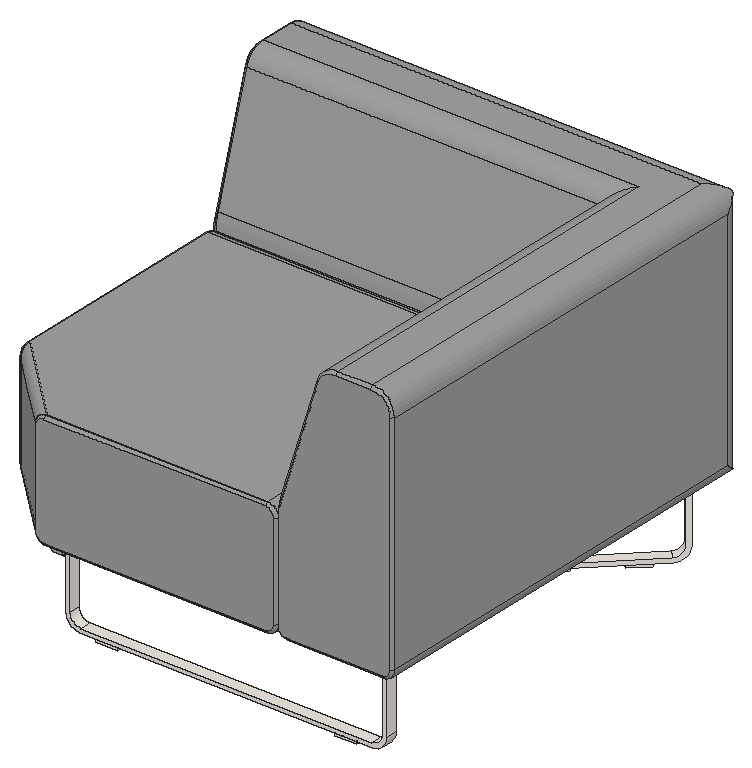
Revit family "Haworth_Riverbend_SquareCorner", category Furniture, Revit 2018
Family settings
  OmniClass Number = 23.40.70.14.64.21
  OmniClass Title = Systems Furniture
  Work Plane-Based = No
  Always vertical = Yes
  Cut with Voids When Loaded = No
  Shared = No
  Room Calculation Point = No
Parameters (values of type "33d 56w 31h - Mid Back")
  Width Straight Edge = 33"  # constant formula
  Width = 56"  # constant formula
  Warranty = "http://www.haworth.com/resources/product-info/warranties"
  URL - Product = "http://www.haworth.com/products/seating/sofas/riverbend-pebble"
  Trim Finish [instance] = Haworth _ Paint _ Plaster
  Standard Widths = "40 in."  # constant formula
  Standard Heights = "18, 31 in."  # constant formula
  Standard Depths = "33 in."  # constant formula
  Seat Upholstery Finish [instance] = Haworth _ Fabric _ Tellure _ Steel 3A-39
  No Back = no
  Min. Width = 28"  # constant formula
  Min. Depth = 33"  # constant formula
  Mid Back = yes
  Max. Width = 67"  # constant formula
  Max. Depth = 33"  # constant formula
  Model = "SMQN"  # constant formula
  Description = "Haworth Riverbend Square Corner"  # constant formula
  URL = "http://www.haworth.com"
  Size = "Verify Final Dim. w/ Haworth"  # constant formula
  Revision Number = "1"  # constant formula
  Manufacturer = "Haworth"  # constant formula
  Depth = 33"  # constant formula
  Custom Width = not(or(Width = 56"))  # no
  Custom Size = Custom Width  # no
  Back Upholstery Finish [instance] = Haworth _ Fabric _ Tellure _ Steel 3A-39
  Author = "Haworth (Bentzen)"  # constant formula
  Assembly Code = "E2020200"
  Actual Width = if(Width > Max. Width, Max. Width, if(Width < Min. Width, Min. Width, Width))  # 56"
  Actual Height = 18"  # constant formula
  Actual Depth = if(Depth > Max. Depth, Max. Depth, if(Depth < Min. Depth, Min. Depth, Depth))  # 33"
Types (2): name | No Back | Mid Back
  33d 56w 18h - No Back | yes | no
  33d 56w 31h - Mid Back | no | yes
Reference planes
  plane 1 "Center F/B": through (-78.491, -215.695, 0) normal (-0.7071, -0.7071, 0)
  plane 2 "Bottom": z = 0
  plane 3 "Center L/R": through (55.102, -293.435, 0) normal (0.7071, -0.7071, 0)
  plane 4 "Left": through (-1165.05, -503.938, 1219.2) normal (-0.7071, 0.7071, 0)
  plane 5 "Right": through (1244.391, -113.797, 1219.2) normal (0.7071, -0.7071, 0)
  plane 6 "Frame Back": through (-736.346, 786.631, 1219.2) normal (0.7071, 0.7071, 0)
  plane 7 "Chair Front": through (-1384.552, 177.6, 1219.2) normal (0.7071, 0.7071, 0)
  plane 8 "Top": z = 457.2
  plane 9 "Top - Bottom of Chamfer Edge": z = 450.85
  plane 10 "Frame Bottom": z = 184.15
  plane 11 "Bottom - Top of Chamfer Edge": z = 190.5
  plane 12 "Leg Bracket - Bottom": z = 177.8
  plane 13 "Leg Bottom - Top of Bottom": z = 15.875
  plane 14 "Foot - Top of Foot": z = 6.35
  plane 15 "Bench Frame - Inner Concave Tangent Edge No 1": y = -692.019
  plane 16 "Bench Frame - Outer Concave Tangent Edge No 1": y = 146.181
  plane 17 "Bench Frame - Outer Concave Tangent Edge No 2": x = 494.718
  plane 18 "Bench Frame - Center Side No 1": y = -272.919
  plane 19 "Bench Frame - Center Side No 2": x = 75.618
  plane 20 "Bench Frame - Straight Edge No 2": y = -869.819
  plane 21 "Bench Frame - Straight Edge No 1": x = -521.282
  plane 22 "Left Leg - Back of Leg Bracket": y = 101.334
  plane 23 "Center Leg - Back of Leg Bracket": through (-1134.489, 1645.306, 1219.2) normal (0.7071, 0.7071, 0)
  plane 24 "Right Leg - Back of Leg Bracket": x = 449.871
  plane 25 "Left Leg - Front of Leg Bracket": y = -647.169
  plane 26 "Right Leg - Front of Leg Bracket": x = -298.635
  plane 27 "Center Leg - Front of Leg Bracket": through (177.923, -152.04, 1219.2) normal (0.7071, 0.7071, 0)
  plane 28: through (-1705.143, 496.713, 1219.2) normal (-0.7071, 0.7071, 0)
  plane 29 "Left - Top of Chamfer Edge": x = -514.932
  plane 30 "Right - Top of Chamfer Edge": y = -863.469
  plane 31 "Leg Left - Left of Leg Bracket": x = -481.694
  plane 32 "Right Left - Right of Leg Bracket": y = -830.231
  plane 33: through (390.172, 107.175, 1219.2) normal (0.7071, 0.7071, 0)
  plane 34: y = 41.009
  plane 35: y = 31.409
  plane 36: y = -19.391
  plane 37: y = 91.809
  plane 38: y = -526.441
  plane 39: y = -577.241
  plane 40: y = -586.841
  plane 41: y = -637.641
  plane 42: through (184.965, -145.612, 1219.2) normal (-0.7071, -0.7071, 0)
  plane 43: through (220.886, -109.691, 1219.2) normal (-0.7071, -0.7071, 0)
  plane 44: through (227.674, -102.902, 1219.2) normal (-0.7071, -0.7071, 0)
  plane 45: through (263.595, -66.981, 1219.2) normal (-0.7071, -0.7071, 0)
  plane 46: through (335.331, 4.755, 1219.2) normal (-0.7071, -0.7071, 0)
  plane 47: through (371.252, 40.676, 1219.2) normal (-0.7071, -0.7071, 0)
  plane 48: through (378.041, 47.464, 1219.2) normal (-0.7071, -0.7071, 0)
  plane 49: x = -289.104
  plane 50: x = -238.304
  plane 51: x = -228.704
  plane 52: x = -177.904
  plane 53: x = 329.146
  plane 54: x = 379.946
  plane 55: x = 389.546
  plane 56: x = 440.346
  plane 57: x = -456.294
  plane 58: y = -804.831
  plane 59: through (157.98, -172.597, 1219.2) normal (-0.7071, 0.7071, 0)
  plane 60: through (438.657, 72.16, 1219.2) normal (-0.7071, 0.7071, 0)
  plane 61: x = -421.369
  plane 62: through (0.825, -415.064, 1219.2) normal (0.7071, -0.7071, 0)
  plane 63: y = -769.906
  plane 64: y = 146.181
  plane 65: y = -72.874
  plane 66: y = 146.181
  plane 67: through (483.559, 135.021, 1219.2) normal (-0.7071, -0.7071, 0)
  plane 68: through (345.662, 165.155, 1219.2) normal (0.7071, 0.7071, 0)
  plane 69: z = 457.2
  plane 70: x = -343.482
  plane 71: y = 120.781
  plane 72: x = -2882.933
  plane 73: x = -2844.836
  plane 74: z = 320.675
Forms (mm)
  Extrusion 1, solid, material "Haworth _ Paint _ Plaster" <- "Trim Finish"
    sketch origin (-569.094, -257.88, 0) x (0, -1, 0) y (0, 0, -1)
      loop
        line (-359.214, -177.8) -> (-349.689, -177.8) -> (-349.689, -41.275)
        arc (-349.689, -41.275) -> (-342.25, -23.314) -> (-324.289, -15.875) r 25.4
        line (-324.289, -15.875) -> (354.361, -15.875)
        arc (354.361, -15.875) -> (372.321, -23.314) -> (379.761, -41.275) r 25.4
        line (379.761, -41.275) -> (379.761, -177.8) -> (389.289, -177.8) -> (389.289, -38.1)
        arc (389.289, -38.1) -> (379.99, -15.649) -> (357.539, -6.35) r 31.75
        line (357.539, -6.35) -> (-327.464, -6.35)
        arc (-327.464, -6.35) -> (-349.915, -15.649) -> (-359.214, -38.1) r 31.75
        line (-359.214, -38.1) -> (-359.214, -177.8)
    from 87.4 to 112.8
  Extrusion 2, solid, material "Haworth _ Paint _ Plaster" <- "Trim Finish"
    sketch origin (-512.931, 953.569, 457.2) x (1, 0, 0) y (0, 1, 0)
      loop
        line (31.238, -922.16) -> (31.238, -972.96) -> (56.637, -972.96) -> (56.637, -922.16) -> (31.238, -922.16)
    from -457.2 to -450.85
  Extrusion 3, solid, material "Haworth _ Paint _ Plaster" <- "Trim Finish"
    sketch origin (-512.931, 1011.597, 457.2) x (1, 0, 0) y (0, 1, 0)
      loop
        line (31.238, -1588.838) -> (56.637, -1588.838) -> (56.637, -1538.038) -> (31.238, -1538.038) -> (31.238, -1588.838)
    from -457.2 to -450.85
  Extrusion 4, solid, material "Haworth _ Paint _ Plaster" <- "Trim Finish"
    sketch origin (-512.931, 953.569, 457.2) x (1, 0, 0) y (0, 1, 0)
      loop
        line (31.238, -852.235) -> (31.238, -912.56) -> (91.562, -912.56) -> (91.562, -852.235) -> (31.238, -852.235)
    from -279.4 to -273.05
  Extrusion 5, solid, material "Haworth _ Paint _ Plaster" <- "Trim Finish"
    sketch origin (-512.931, 1518.647, 457.2) x (1, 0, 0) y (0, 1, 0)
      loop
        line (31.238, -2165.816) -> (91.562, -2165.816) -> (91.562, -2105.488) -> (31.238, -2105.488) -> (31.238, -2165.816)
    from -279.4 to -273.05
  Extrusion 6, solid, material "Haworth _ Paint _ Plaster" <- "Trim Finish"
    sketch origin (90.657, -917.631, 0) x (-1, 0, 0) y (0, 0, 1)
      loop
        line (-359.214, 177.8) -> (-359.214, 38.1)
        arc (-359.214, 38.1) -> (-349.915, 15.649) -> (-327.464, 6.35) r 31.75
        line (-327.464, 6.35) -> (357.542, 6.35)
        arc (357.542, 6.35) -> (379.993, 15.649) -> (389.292, 38.1) r 31.75
        line (389.292, 38.1) -> (389.292, 177.8) -> (379.761, 177.8) -> (379.761, 41.275)
        arc (379.761, 41.275) -> (372.321, 23.314) -> (354.361, 15.875) r 25.4
        line (354.361, 15.875) -> (-324.289, 15.875)
        arc (-324.289, 15.875) -> (-342.25, 23.314) -> (-349.689, 41.275) r 25.4
        line (-349.689, 41.275) -> (-349.689, 177.8) -> (-359.214, 177.8)
    from 87.4 to 112.8
  Extrusion 7, solid, material "Haworth _ Paint _ Plaster" <- "Trim Finish"
    sketch origin (1302.106, -861.469, 457.2) x (0, 1, 0) y (-1, 0, 0)
      loop
        line (31.238, 922.16) -> (56.637, 922.16) -> (56.637, 972.96) -> (31.238, 972.96) -> (31.238, 922.16)
    from -457.2 to -450.85
  Extrusion 8, solid, material "Haworth _ Paint _ Plaster" <- "Trim Finish"
    sketch origin (1360.134, -861.469, 457.2) x (0, 1, 0) y (-1, 0, 0)
      loop
        line (31.238, 1588.838) -> (31.238, 1538.038) -> (56.637, 1538.038) -> (56.637, 1588.838) -> (31.238, 1588.838)
    from -457.2 to -450.85
  Extrusion 9, solid, material "Haworth _ Paint _ Plaster" <- "Trim Finish"
    sketch origin (1302.106, -861.469, 457.2) x (0, 1, 0) y (-1, 0, 0)
      loop
        line (31.238, 852.235) -> (91.562, 852.235) -> (91.562, 912.56) -> (31.238, 912.56) -> (31.238, 852.235)
    from -279.4 to -273.05
  Extrusion 10, solid, material "Haworth _ Paint _ Plaster" <- "Trim Finish"
    sketch origin (1867.184, -861.469, 457.2) x (0, 1, 0) y (-1, 0, 0)
      loop
        line (31.238, 2165.819) -> (31.238, 2105.488) -> (91.562, 2105.488) -> (91.562, 2165.819) -> (31.238, 2165.819)
    from -279.4 to -273.05
  Extrusion 11, solid, material "Haworth _ Paint _ Plaster" <- "Trim Finish"
    sketch origin (391.696, 184.721, 0) x (-0.707107, -0.707107, 0) y (0, 0, -1)
      loop
        line (46.386, -177.8) -> (55.911, -177.8) -> (55.911, -41.275)
        arc (55.911, -41.275) -> (63.35, -23.314) -> (81.311, -15.875) r 25.4
        line (81.311, -15.875) -> (354.361, -15.875)
        arc (354.361, -15.875) -> (372.321, -23.314) -> (379.761, -41.275) r 25.4
        line (379.761, -41.275) -> (379.761, -177.8) -> (389.286, -177.8) -> (389.286, -38.1)
        arc (389.286, -38.1) -> (379.987, -15.649) -> (357.536, -6.35) r 31.75
        line (357.536, -6.35) -> (78.136, -6.35)
        arc (78.136, -6.35) -> (55.685, -15.649) -> (46.386, -38.1) r 31.75
        line (46.386, -38.1) -> (46.386, -177.8)
    from 87.4 to 112.8
  Extrusion 12, solid, material "Haworth _ Paint _ Plaster" <- "Trim Finish"
    sketch origin (1001.23, 714.829, 457.2) x (0.707107, -0.707107, 0) y (0.707107, 0.707107, 0)
      loop
        line (31.238, -922.16) -> (31.238, -972.96) -> (56.637, -972.96) -> (56.637, -922.16) -> (31.238, -922.16)
    from -457.2 to -450.85
  Extrusion 13, solid, material "Haworth _ Paint _ Plaster" <- "Trim Finish"
    sketch origin (1329.064, 1042.664, 457.2) x (0.707107, -0.707107, 0) y (0.707107, 0.707107, 0)
      loop
        line (31.238, -1588.838) -> (56.637, -1588.838) -> (56.637, -1538.038) -> (31.238, -1538.038) -> (31.238, -1588.838)
    from -457.2 to -450.85
  Extrusion 14, solid, material "Haworth _ Paint _ Plaster" <- "Trim Finish"
    sketch origin (1001.23, 714.829, 457.2) x (0.707107, -0.707107, 0) y (0.707107, 0.707107, 0)
      loop
        line (31.238, -852.235) -> (31.238, -912.56) -> (91.562, -912.56) -> (91.562, -852.235) -> (31.238, -852.235)
    from -279.4 to -273.05
  Extrusion 15, solid, material "Haworth _ Paint _ Plaster" <- "Trim Finish"
    sketch origin (1687.603, 1401.202, 457.2) x (0.707107, -0.707107, 0) y (0.707107, 0.707107, 0)
      loop
        line (31.238, -2165.813) -> (91.562, -2165.813) -> (91.562, -2105.488) -> (31.238, -2105.488) -> (31.238, -2165.813)
    from -279.4 to -273.05
  Blend 16, solid, material "Haworth _ Fabric _ Tellure _ Steel 3A-39" <- "Seat Upholstery Finish", visible <- "No Back"
    base sketch origin (104.632, -869.819, 0) x (1, 0, 0) y (0, 0, 1)
      loop
        arc (-422.714, 450.85) -> (-436.184, 445.27) -> (-441.764, 431.8) r 19.05
        line (-441.764, 431.8) -> (-441.764, 209.55)
        arc (-441.764, 209.55) -> (-436.184, 196.08) -> (-422.714, 190.5) r 19.05
        line (-422.714, 190.5) -> (364.686, 190.5)
        arc (364.686, 190.5) -> (378.156, 196.08) -> (383.736, 209.55) r 19.05
        line (383.736, 209.55) -> (383.736, 431.8)
        arc (383.736, 431.8) -> (378.156, 445.27) -> (364.686, 450.85) r 19.05
        line (364.686, 450.85) -> (-422.714, 450.85)
    top sketch origin (104.632, -869.819, 0) x (1, 0, 0) y (0, 0, 1)
      loop
        arc (-422.714, 457.2) -> (-440.675, 449.761) -> (-448.114, 431.8) r 25.4
        line (-448.114, 431.8) -> (-448.114, 209.55)
        arc (-448.114, 209.55) -> (-440.675, 191.589) -> (-422.714, 184.15) r 25.4
        line (-422.714, 184.15) -> (364.686, 184.15)
        arc (364.686, 184.15) -> (382.646, 191.589) -> (390.086, 209.55) r 25.4
        line (390.086, 209.55) -> (390.086, 431.8)
        arc (390.086, 431.8) -> (382.646, 449.761) -> (364.686, 457.2) r 25.4
        line (364.686, 457.2) -> (-422.714, 457.2)
    from 0 to -6.35
  Blend 17, solid, material "Haworth _ Fabric _ Tellure _ Steel 3A-39" <- "Back Upholstery Finish", visible <- "Mid Back"
    base sketch origin (-844.55, 366.279, -169.305) x (0, -1, 0) y (0, 0, 1)
      loop
        arc (270.098, 956.705) -> (234.743, 942.06) -> (220.098, 906.705) r 50
        line (220.098, 906.705) -> (220.098, 378.855)
        arc (220.098, 378.855) -> (227.537, 360.895) -> (245.498, 353.455) r 25.4
        line (245.498, 353.455) -> (465.714, 353.455)
        arc (465.714, 353.455) -> (483.674, 360.895) -> (491.114, 378.855) r 25.4
        line (491.114, 378.855) -> (491.114, 617.447)
        arc (491.114, 617.447) -> (488.857, 636.186) -> (484.326, 654.509) r 154.13
        line (484.326, 654.509) -> (400.608, 921.653)
        arc (400.608, 921.653) -> (382.494, 947) -> (352.89, 956.705) r 50.006
        line (352.89, 956.705) -> (270.098, 956.705)
    top sketch origin (-844.55, 366.279, -169.305) x (0, -1, 0) y (0, 0, 1)
      loop
        line (352.89, 950.355) -> (270.098, 950.355)
        arc (270.098, 950.355) -> (239.233, 937.57) -> (226.448, 906.705) r 43.65
        line (226.448, 906.705) -> (226.448, 378.855)
        arc (226.448, 378.855) -> (232.028, 365.385) -> (245.498, 359.805) r 19.05
        line (245.498, 359.805) -> (467.535, 359.805)
        arc (467.535, 359.805) -> (481.006, 365.385) -> (486.585, 378.855) r 19.05
        line (486.585, 378.855) -> (486.585, 626.065) -> (394.549, 919.754)
        arc (394.549, 919.754) -> (378.735, 941.883) -> (352.89, 950.355) r 43.656
    from -329.618 to -323.268
  Blend 18, solid, material "Haworth _ Fabric _ Tellure _ Steel 3A-39" <- "Back Upholstery Finish", visible <- "Mid Back"
    base sketch origin (714.816, -1193.087, -169.305) x (-1, 0, 0) y (0, 0, -1)
      loop
        line (270.098, -956.705) -> (352.89, -956.705)
        arc (352.89, -956.705) -> (382.494, -947) -> (400.608, -921.653) r 50.006
        line (400.608, -921.653) -> (484.326, -654.509)
        arc (484.326, -654.509) -> (488.857, -636.186) -> (491.114, -617.447) r 154.13
        line (491.114, -617.447) -> (491.114, -378.855)
        arc (491.114, -378.855) -> (483.674, -360.895) -> (465.714, -353.455) r 25.4
        line (465.714, -353.455) -> (245.498, -353.455)
        arc (245.498, -353.455) -> (227.537, -360.895) -> (220.098, -378.855) r 25.4
        line (220.098, -378.855) -> (220.098, -906.705)
        arc (220.098, -906.705) -> (234.743, -942.06) -> (270.098, -956.705) r 50
    top sketch origin (714.816, -1193.087, -169.305) x (-1, 0, 0) y (0, 0, -1)
      loop
        arc (352.89, -950.355) -> (378.735, -941.883) -> (394.549, -919.754) r 43.656
        line (394.549, -919.754) -> (486.585, -626.065) -> (486.585, -378.855)
        arc (486.585, -378.855) -> (481.006, -365.385) -> (467.535, -359.805) r 19.05
        line (467.535, -359.805) -> (245.498, -359.805)
        arc (245.498, -359.805) -> (232.028, -365.385) -> (226.448, -378.855) r 19.05
        line (226.448, -378.855) -> (226.448, -906.705)
        arc (226.448, -906.705) -> (239.233, -937.57) -> (270.098, -950.355) r 43.65
        line (270.098, -950.355) -> (352.89, -950.355)
    from -329.618 to -323.268
  Blend 19, solid, material "Haworth _ Fabric _ Tellure _ Steel 3A-39" <- "Seat Upholstery Finish", visible <- "Mid Back"
    base sketch origin (-224.412, -869.819, 0) x (-1, 0, 0) y (0, 0, -1)
      loop
        line (-422.714, -450.85) -> (93.67, -450.85)
        arc (93.67, -450.85) -> (107.14, -445.27) -> (112.72, -431.8) r 19.05
        line (112.72, -431.8) -> (112.72, -209.55)
        arc (112.72, -209.55) -> (107.14, -196.08) -> (93.67, -190.5) r 19.05
        line (93.67, -190.5) -> (-422.714, -190.5)
        arc (-422.714, -190.5) -> (-436.184, -196.08) -> (-441.764, -209.55) r 19.05
        line (-441.764, -209.55) -> (-441.764, -431.8)
        arc (-441.764, -431.8) -> (-436.184, -445.27) -> (-422.714, -450.85) r 19.05
    top sketch origin (-224.412, -869.819, 0) x (-1, 0, 0) y (0, 0, -1)
      loop
        line (-422.714, -457.2) -> (93.67, -457.2)
        arc (93.67, -457.2) -> (111.63, -449.761) -> (119.07, -431.8) r 25.4
        line (119.07, -431.8) -> (119.07, -209.55)
        arc (119.07, -209.55) -> (111.63, -191.589) -> (93.67, -184.15) r 25.4
        line (93.67, -184.15) -> (-422.714, -184.15)
        arc (-422.714, -184.15) -> (-440.675, -191.589) -> (-448.114, -209.55) r 25.4
        line (-448.114, -209.55) -> (-448.114, -431.8)
        arc (-448.114, -431.8) -> (-440.675, -449.761) -> (-422.714, -457.2) r 25.4
    from 0 to -6.35
  Sweep 20, solid, material "Haworth _ Fabric _ Tellure _ Steel 3A-39" <- "Back Upholstery Finish", visible <- "Mid Back"
    path origin (0, 0, 457.2) x (-1, 0, 0) y (0, -1, 0)
      loop
        line (-494.718, 863.469) -> (-494.718, -146.181) -> (514.932, -146.181)
    profile origin (494.718, -358.644, 457.2) x (-1, 0, 0) y (0, 0, 1)
      loop
        arc (180.51, 295.148) -> (162.396, 320.495) -> (132.792, 330.2) r 50.006
        line (132.792, 330.2) -> (50, 330.2)
        arc (50, 330.2) -> (14.645, 315.555) -> (0, 280.2) r 50
        line (0, 280.2) -> (0, -247.65)
        arc (0, -247.65) -> (7.439, -265.611) -> (25.4, -273.05) r 25.4
        line (25.4, -273.05) -> (245.616, -273.05)
        arc (245.616, -273.05) -> (263.577, -265.611) -> (271.016, -247.65) r 25.4
        line (271.016, -247.65) -> (271.016, -9.058)
        arc (271.016, -9.058) -> (268.759, 9.681) -> (264.228, 28.004) r 154.13
        line (264.228, 28.004) -> (180.51, 295.148)
  Extrusion 21, void
    sketch origin (174.269, -174.269, 0) x (0.707107, 0.707107, 0) y (0, 0, 1)
      loop
        spline (-853.444, 431.8) -> (-853.29, 435.115) -> (-852.832, 438.374) -> (-852.076, 441.52) -> (-851.037, 444.5) -> (-849.732, 447.263) -> (-848.183, 449.761) -> (-846.417, 451.951) -> (-844.463, 453.797) -> (-842.356, 455.267) -> (-840.132, 456.335) -> (-837.827, 456.983) -> (-835.483, 457.2)
        line (-835.483, 457.2) -> (-853.444, 457.2) -> (-853.444, 431.8)
      loop
        spline (-835.483, 184.15) -> (-837.827, 184.367) -> (-840.132, 185.015) -> (-842.356, 186.083) -> (-844.463, 187.553) -> (-846.417, 189.399) -> (-848.183, 191.589) -> (-849.732, 194.087) -> (-851.037, 196.85) -> (-852.076, 199.83) -> (-852.832, 202.976) -> (-853.29, 206.235) -> (-853.444, 209.55)
        line (-853.444, 209.55) -> (-853.444, 184.15) -> (-835.483, 184.15)
    from -160.571 to 154.267
  Extrusion 22, void
    sketch origin (0, 0, 457.2) x (-1, 0, 0) y (0, -1, 0)
      loop
        line (-494.718, -108.081) -> (-494.718, -146.181) -> (-456.618, -146.181)
        arc (-456.618, -146.181) -> (-483.559, -135.021) -> (-494.718, -108.081) r 38.1
    from -304.934 to 341.183
  Extrusion 23, solid, material "Haworth _ Fabric _ Tellure _ Steel 3A-39" <- "Seat Upholstery Finish", visible <- "No Back"
    sketch origin (-50.8, 510.034, 457.2) x (-1, 0, 0) y (0, -1, 0)
      loop
        line (470.482, 1195.703) -> (292.682, 1373.503) -> (-545.518, 1373.503) -> (-545.518, 363.853) -> (470.482, 363.853) -> (470.482, 1195.703)
    from -273.05 to 0
  Extrusion 24, void
    sketch origin (-521.282, -457.2, 0) x (0, 1, 0) y (0, 0, 1)
      loop
        line (603.381, 431.8) -> (603.381, 457.2) -> (577.981, 457.2)
        arc (577.981, 457.2) -> (595.941, 449.761) -> (603.381, 431.8) r 25.4
    from 0 to 1054.663
  Extrusion 25, void
    sketch origin (-609.6, -863.469, 0) x (-1, 0, 0) y (0, 0, 1)
      loop
        line (-1078.918, 457.2) -> (-1104.318, 457.2) -> (-1104.318, 431.8)
        arc (-1104.318, 431.8) -> (-1096.878, 449.761) -> (-1078.918, 457.2) r 25.4
    from 0 to 1064.613
  Extrusion 26, void
    sketch origin (-1479.004, -863.469, 0) x (-1, 0, 0) y (0, 0, 1)
      loop
        line (-1677.306, 457.2) -> (-1702.706, 457.2) -> (-1702.706, 431.8)
        arc (-1702.706, 431.8) -> (-1695.267, 449.761) -> (-1677.306, 457.2) r 25.4
    from 0 to 738.634
  Extrusion 27, void
    sketch origin (-521.282, -1192.17, 0) x (0, 1, 0) y (0, 0, 1)
      loop
        line (1067.335, 431.8) -> (1067.335, 457.2) -> (1041.935, 457.2)
        arc (1041.935, 457.2) -> (1059.895, 449.761) -> (1067.335, 431.8) r 25.4
    from 0 to 744.984
  Extrusion 28, void
    sketch origin (-521.282, -457.2, 641.35) x (0, 1, 0) y (0, 0, 1)
      loop
        arc (603.381, -431.8) -> (595.941, -449.761) -> (577.981, -457.2) r 25.4
        line (577.981, -457.2) -> (603.381, -457.2) -> (603.381, -431.8)
    from 0 to 1016
  Extrusion 29, void
    sketch origin (-521.282, -1077.93, 0) x (0, 1, 0) y (0, 0, 1)
      loop
        line (927.695, 184.15) -> (953.095, 184.15) -> (953.095, 209.55)
        arc (953.095, 209.55) -> (945.656, 191.589) -> (927.695, 184.15) r 25.4
    from 0 to 744.984
  Extrusion 30, void
    sketch origin (-1371.6, -863.469, 0) x (-1, 0, 0) y (0, 0, 1)
      loop
        line (-1866.318, 209.55) -> (-1866.318, 184.15) -> (-1840.918, 184.15)
        arc (-1840.918, 184.15) -> (-1858.878, 191.589) -> (-1866.318, 209.55) r 25.4
    from 0 to 1009.65
  Extrusion 31, void
    sketch origin (-1148.804, -863.469, 0) x (-1, 0, 0) y (0, 0, 1)
      loop
        line (-1372.506, 209.55) -> (-1372.506, 184.15) -> (-1347.106, 184.15)
        arc (-1347.106, 184.15) -> (-1365.067, 191.589) -> (-1372.506, 209.55) r 25.4
    from 0 to 738.634
  Blend 32, solid, material "Haworth _ Fabric _ Tellure _ Steel 3A-39" <- "Seat Upholstery Finish", visible <- "Mid Back"
    base sketch origin (-521.282, -572.949, 0) x (0, -1, 0) y (0, 0, 1)
      loop
        arc (-422.714, 450.85) -> (-436.184, 445.27) -> (-441.764, 431.8) r 19.05
        line (-441.764, 431.8) -> (-441.764, 209.55)
        arc (-441.764, 209.55) -> (-436.184, 196.08) -> (-422.714, 190.5) r 19.05
        line (-422.714, 190.5) -> (93.67, 190.5)
        arc (93.67, 190.5) -> (107.14, 196.08) -> (112.72, 209.55) r 19.05
        line (112.72, 209.55) -> (112.72, 431.8)
        arc (112.72, 431.8) -> (107.14, 445.27) -> (93.67, 450.85) r 19.05
        line (93.67, 450.85) -> (-422.714, 450.85)
    top sketch origin (-521.282, -572.949, 0) x (0, -1, 0) y (0, 0, 1)
      loop
        arc (-422.714, 457.2) -> (-440.675, 449.761) -> (-448.114, 431.8) r 25.4
        line (-448.114, 431.8) -> (-448.114, 209.55)
        arc (-448.114, 209.55) -> (-440.675, 191.589) -> (-422.714, 184.15) r 25.4
        line (-422.714, 184.15) -> (93.67, 184.15)
        arc (93.67, 184.15) -> (111.63, 191.589) -> (119.07, 209.55) r 25.4
        line (119.07, 209.55) -> (119.07, 431.8)
        arc (119.07, 431.8) -> (111.63, 449.761) -> (93.67, 457.2) r 25.4
        line (93.67, 457.2) -> (-422.714, 457.2)
    from 0 to -6.35
  Extrusion 33, solid, material "Haworth _ Fabric _ Tellure _ Steel 3A-39" <- "Seat Upholstery Finish", visible <- "Mid Back"
    sketch origin (0, 0, 457.2) x (-1, 0, 0) y (0, -1, 0)
      loop
        line (514.932, 124.835) -> (514.932, 692.019) -> (343.482, 863.469) -> (-223.702, 863.469) -> (-223.702, 124.835) -> (514.932, 124.835)
    from -273.05 to 0
Cuts and joins
  Extrusion 26, Extrusion 27, Extrusion 28, Extrusion 29, Extrusion 31 cuts Blend 18
  Extrusion 22, Extrusion 26, Extrusion 27, Extrusion 28, Extrusion 29, Extrusion 31 cuts Sweep 20
  joined: Blend 18, Sweep 20
  Extrusion 21, Extrusion 22, Extrusion 24, Extrusion 25, Extrusion 28, Extrusion 30 cuts Extrusion 23
  Extrusion 28 cuts Blend 17
  Extrusion 21, Extrusion 26, Extrusion 27, Extrusion 29, Extrusion 31 cuts Extrusion 33
Lines and regions (mm)
  Masking region 1
    outline origin (0, 0, 457.2) x (-1, 0, 0) y (0, -1, 0)
      loop
        line (521.282, -146.181) -> (521.282, 685.669) -> (337.132, 869.819) -> (-494.718, 869.819) -> (-494.718, -146.181) -> (521.282, -146.181)
  symbolic lines, style "Haworth", visible <- "Mid Back", detail levels medium+fine
    curve 1: line (-514.932, -124.835, 457.2) -> (223.702, -124.835, 457.2)
    curve 2: line (223.702, -124.835, 457.2) -> (223.702, -863.469, 457.2)
Dimensions and locks
  plane 4 "Left" to plane 5 "Right" = 56.21499"
  locked: plane 8 "Top" to plane 9 "Top - Bottom of Chamfer Edge" at 6.35
  locked: plane 11 "Bottom - Top of Chamfer Edge" to plane 10 "Frame Bottom" at 6.35
  plane 8 "Top" to plane 10 "Frame Bottom" = 10 3/4"
  "Actual Height": plane 8 "Top" to plane 2 "Bottom"
  plane 8 "Top" to plane 2 "Bottom" = 18"
  Extrusion 1 sketch curve to Extrusion 1 sketch curve = 3/8"  (x2)
  Extrusion 1 sketch curve to Extrusion 1 sketch curve = 0.37512"
  "Width Straight Edge": plane 16 "Bench Frame - Outer Concave Tangent Edge No 1" to plane 15 "Bench Frame - Inner Concave Tangent Edge No 1"
  equal spacing: plane 16 "Bench Frame - Outer Concave Tangent Edge No 1", plane 18 "Bench Frame - Center Side No 1", plane 15 "Bench Frame - Inner Concave Tangent Edge No 1"
  plane 19 "Bench Frame - Center Side No 2" to plane 17 "Bench Frame - Outer Concave Tangent Edge No 2" = 16 1/2"
  plane 15 "Bench Frame - Inner Concave Tangent Edge No 1" to plane 20 "Bench Frame - Straight Edge No 2" = 7"
  plane 21 "Bench Frame - Straight Edge No 1" to plane 29 "Left - Top of Chamfer Edge" = 1/4"
  plane 30 "Right - Top of Chamfer Edge" to plane 20 "Bench Frame - Straight Edge No 2" = 1/4"
  Extrusion 6 sketch curve to Extrusion 6 sketch curve = 3/8"  (x2)
  Extrusion 6 sketch curve to Extrusion 6 sketch curve = 0.37525"
  Extrusion 11 sketch curve to Extrusion 11 sketch curve = 3/8"  (x3)
  plane 23 "Center Leg - Back of Leg Bracket" to plane 27 "Center Leg - Front of Leg Bracket" = 13 1/2"
  plane 67 to plane 68 = 3"
  equal spacing: plane 7 "Chair Front", plane 1 "Center F/B", plane 67
  plane 72 to plane 73 = 1.49988"
  plane 21 "Bench Frame - Straight Edge No 1" to plane 17 "Bench Frame - Outer Concave Tangent Edge No 2" = 40"
  plane 16 "Bench Frame - Outer Concave Tangent Edge No 1" to plane 20 "Bench Frame - Straight Edge No 2" = 40"
  equal spacing: plane 10 "Frame Bottom", plane 74, plane 69
  "Depth": plane 70 to plane 17 "Bench Frame - Outer Concave Tangent Edge No 2"
  aligned and locked: Extrusion 11 to plane 33
  aligned and locked: plane 23 "Center Leg - Back of Leg Bracket" to Extrusion 11  (x2)
  aligned and locked: Extrusion 3 to plane 38
  aligned and locked: Extrusion 1 to Extrusion 3  (x2)
  aligned and locked: plane 39 to Extrusion 3
  aligned and locked: Extrusion 2 to plane 35  (x2)
  aligned and locked: Extrusion 1 to Extrusion 2
  aligned and locked: Extrusion 3 to plane 57  (x2)
  aligned and locked: Extrusion 13 to plane 45
  aligned and locked: Extrusion 13 to plane 59
  aligned and locked: Extrusion 13 to plane 60
  aligned and locked: plane 46 to Extrusion 12
  aligned and locked: Extrusion 12 to plane 47
  aligned and locked: Extrusion 12 to plane 59
  aligned and locked: Extrusion 12 to plane 60
  aligned and locked: plane 53 to Extrusion 7
  aligned and locked: plane 58 to Extrusion 7
  aligned and locked: Extrusion 7 to plane 32 "Right Left - Right of Leg Bracket"
  aligned and locked: Extrusion 7 to plane 54
  aligned and locked: plane 58 to Extrusion 8
  aligned and locked: Extrusion 8 to plane 32 "Right Left - Right of Leg Bracket"
  aligned and locked: plane 51 to Extrusion 8
  aligned and locked: Extrusion 8 to plane 52
  aligned and locked: Extrusion 2 to plane 2 "Bottom"
  aligned and locked: Extrusion 2 to plane 14 "Foot - Top of Foot"
  aligned and locked: plane 2 "Bottom" to Extrusion 12  (x2)
  aligned and locked: plane 14 "Foot - Top of Foot" to Extrusion 12  (x2)
  aligned and locked: plane 2 "Bottom" to Extrusion 13  (x2)
  aligned and locked: plane 14 "Foot - Top of Foot" to Extrusion 13  (x2)
  aligned and locked: Extrusion 3 to plane 2 "Bottom"
  aligned and locked: Extrusion 3 to plane 14 "Foot - Top of Foot"
  aligned and locked: Extrusion 8 to plane 2 "Bottom"
  aligned and locked: Extrusion 8 to plane 14 "Foot - Top of Foot"
  aligned and locked: Extrusion 3 to plane 31 "Leg Left - Left of Leg Bracket"
  aligned and locked: plane 36 to Extrusion 2
  aligned and locked: Extrusion 2 to plane 57
  aligned and locked: Extrusion 2 to plane 31 "Leg Left - Left of Leg Bracket"
  aligned and locked: Extrusion 7 to plane 14 "Foot - Top of Foot"
  aligned and locked: Extrusion 7 to plane 2 "Bottom"
  aligned and locked: plane 14 "Foot - Top of Foot" to Extrusion 1
  aligned and locked: Extrusion 1 to plane 13 "Leg Bottom - Top of Bottom"
  aligned and locked: plane 22 "Left Leg - Back of Leg Bracket" to Extrusion 1
  aligned and locked: plane 37 to Extrusion 1
  aligned and locked: plane 12 "Leg Bracket - Bottom" to Extrusion 1  (x2)
  aligned and locked: Extrusion 1 to plane 41
  aligned and locked: Extrusion 1 to plane 25 "Left Leg - Front of Leg Bracket"
  aligned and locked: plane 12 "Leg Bracket - Bottom" to Extrusion 6  (x2)
  aligned and locked: plane 24 "Right Leg - Back of Leg Bracket" to Extrusion 6
  aligned and locked: plane 56 to Extrusion 6
  aligned and locked: Extrusion 6 to plane 13 "Leg Bottom - Top of Bottom"
  aligned and locked: plane 14 "Foot - Top of Foot" to Extrusion 6
  aligned and locked: Extrusion 6 to plane 26 "Right Leg - Front of Leg Bracket"
  aligned and locked: Extrusion 6 to plane 49
  aligned and locked: plane 14 "Foot - Top of Foot" to Extrusion 3
  aligned and locked: plane 12 "Leg Bracket - Bottom" to Extrusion 11  (x2)
  aligned and locked: Extrusion 11 to plane 13 "Leg Bottom - Top of Bottom"
  aligned and locked: plane 14 "Foot - Top of Foot" to Extrusion 11
  aligned and locked: Extrusion 14 to plane 12 "Leg Bracket - Bottom"
  aligned and locked: plane 10 "Frame Bottom" to Extrusion 14
  aligned and locked: plane 10 "Frame Bottom" to Extrusion 15
  aligned and locked: Extrusion 15 to plane 12 "Leg Bracket - Bottom"
  aligned and locked: Extrusion 11 to plane 59
  aligned and locked: Extrusion 11 to plane 60
  aligned and locked: Extrusion 11 to plane 27 "Center Leg - Front of Leg Bracket"
  aligned and locked: Extrusion 11 to plane 42  (x2)
  aligned and locked: plane 33 to Extrusion 11
  aligned and locked: Extrusion 6 to plane 32 "Right Left - Right of Leg Bracket"
  aligned and locked: plane 58 to Extrusion 6
  aligned and locked: plane 31 "Leg Left - Left of Leg Bracket" to Extrusion 4 sketch curve
  aligned and locked: plane 61 to Extrusion 4 sketch curve
  aligned and locked: Extrusion 4 sketch curve to plane 22 "Left Leg - Back of Leg Bracket"
  aligned and locked: Extrusion 4 sketch curve to plane 34
  aligned and locked: Extrusion 5 sketch curve to plane 31 "Leg Left - Left of Leg Bracket"
  aligned and locked: Extrusion 5 sketch curve to plane 61
  aligned and locked: Extrusion 5 sketch curve to plane 40
  aligned and locked: Extrusion 5 sketch curve to plane 25 "Left Leg - Front of Leg Bracket"
  aligned and locked: Extrusion 15 sketch curve to plane 43
  aligned and locked: Extrusion 14 sketch curve to plane 48
  aligned and locked: plane 26 "Right Leg - Front of Leg Bracket" to Extrusion 10 sketch curve
  aligned and locked: plane 50 to Extrusion 10 sketch curve
  aligned and locked: Extrusion 10 sketch curve to plane 63
  aligned and locked: plane 32 "Right Left - Right of Leg Bracket" to Extrusion 10 sketch curve
  aligned and locked: plane 63 to Extrusion 9 sketch curve
  aligned and locked: Extrusion 9 sketch curve to plane 32 "Right Left - Right of Leg Bracket"
  aligned and locked: plane 55 to Extrusion 9 sketch curve
  aligned and locked: plane 24 "Right Leg - Back of Leg Bracket" to Extrusion 9 sketch curve
  aligned and locked: Extrusion 5 to plane 12 "Leg Bracket - Bottom"
  aligned and locked: plane 10 "Frame Bottom" to Extrusion 5
  aligned and locked: Extrusion 10 to plane 12 "Leg Bracket - Bottom"
  aligned and locked: plane 10 "Frame Bottom" to Extrusion 10
  aligned and locked: plane 12 "Leg Bracket - Bottom" to Extrusion 15
  aligned and locked: Extrusion 15 to plane 10 "Frame Bottom"
  aligned and locked: plane 12 "Leg Bracket - Bottom" to Extrusion 14
  aligned and locked: Extrusion 14 to plane 10 "Frame Bottom"
  aligned and locked: Extrusion 9 to plane 12 "Leg Bracket - Bottom"
  aligned and locked: plane 10 "Frame Bottom" to Extrusion 9
  aligned and locked: Extrusion 4 to plane 12 "Leg Bracket - Bottom"
  aligned and locked: plane 10 "Frame Bottom" to Extrusion 4
  aligned and locked: plane 12 "Leg Bracket - Bottom" to Extrusion 5
  aligned and locked: Extrusion 5 to plane 10 "Frame Bottom"
  aligned and locked: Blend 16 to plane 20 "Bench Frame - Straight Edge No 2"
  aligned and locked: plane 30 "Right - Top of Chamfer Edge" to Blend 16
  aligned and locked: plane 29 "Left - Top of Chamfer Edge" to Blend 17
  aligned and locked: Blend 17 to plane 21 "Bench Frame - Straight Edge No 1"
Automatic sketch dimensions
  plane 3 "Center L/R" to curve 1 = 0"
  curve 2 to plane 30 "Right - Top of Chamfer Edge" = 0"
  curve 1 to plane 29 "Left - Top of Chamfer Edge" = 0"
  curve 2 to plane 65 = 2.04572"
  Extrusion 1 sketch curve to plane 22 "Left Leg - Back of Leg Bracket" = 0"
  plane 14 "Foot - Top of Foot" to Extrusion 1 sketch curve = 0"
  Extrusion 1 sketch curve to plane 12 "Leg Bracket - Bottom" = 0"  (x2)
  Extrusion 1 sketch curve to plane 41 = 0"
  plane 37 to Extrusion 1 sketch curve = 7/8"
  Extrusion 1 sketch curve to Extrusion 1 sketch curve = 1/8"
  plane 40 to Extrusion 1 sketch curve = 1"
  Extrusion 1 sketch curve to Extrusion 1 sketch curve = 0.12512"
  Extrusion 2 sketch curve to plane 31 "Leg Left - Left of Leg Bracket" = 0"
  plane 36 to Extrusion 2 sketch curve = 0"
  Extrusion 2 sketch curve to plane 57 = 0"
  plane 35 to Extrusion 2 sketch curve = 0"
  Extrusion 3 sketch curve to plane 31 "Leg Left - Left of Leg Bracket" = 0"
  plane 38 to Extrusion 3 sketch curve = 0"
  Extrusion 3 sketch curve to plane 57 = 0"
  plane 39 to Extrusion 3 sketch curve = 0"
  Extrusion 6 sketch curve to plane 24 "Right Leg - Back of Leg Bracket" = 0"
  Extrusion 6 sketch curve to plane 14 "Foot - Top of Foot" = 0"
  Extrusion 6 sketch curve to plane 12 "Leg Bracket - Bottom" = 0"  (x2)
  plane 49 to Extrusion 6 sketch curve = 0"
  plane 56 to Extrusion 6 sketch curve = 7/8"
  Extrusion 6 sketch curve to Extrusion 6 sketch curve = 1/8"
  plane 50 to Extrusion 6 sketch curve = 1"
  Extrusion 6 sketch curve to Extrusion 6 sketch curve = 0.12525"
  Extrusion 7 sketch curve to plane 32 "Right Left - Right of Leg Bracket" = 0"
  Extrusion 7 sketch curve to plane 53 = 0"
  Extrusion 7 sketch curve to plane 58 = 0"
  Extrusion 7 sketch curve to plane 54 = 0"
  Extrusion 8 sketch curve to plane 32 "Right Left - Right of Leg Bracket" = 0"
  Extrusion 8 sketch curve to plane 52 = 0"
  Extrusion 8 sketch curve to plane 58 = 0"
  Extrusion 8 sketch curve to plane 51 = 0"
  Extrusion 11 sketch curve to plane 23 "Center Leg - Back of Leg Bracket" = 0"
  plane 14 "Foot - Top of Foot" to Extrusion 11 sketch curve = 0"
  Extrusion 11 sketch curve to plane 12 "Leg Bracket - Bottom" = 0"  (x2)
  Extrusion 11 sketch curve to plane 42 = 0"
  Extrusion 11 sketch curve to plane 33 = 7/8"
  Extrusion 11 sketch curve to Extrusion 11 sketch curve = 1/8"  (x2)
  plane 6 "Frame Back" to Extrusion 11 sketch curve = 0.6957"
  plane 46 to Extrusion 12 sketch curve = 0"
  plane 59 to Extrusion 12 sketch curve = 0"
  Extrusion 12 sketch curve to plane 60 = 0"
  plane 47 to Extrusion 12 sketch curve = 0"
  plane 45 to Extrusion 13 sketch curve = 0"
  plane 59 to Extrusion 13 sketch curve = 0"
  Extrusion 13 sketch curve to plane 60 = 0"
  plane 44 to Extrusion 13 sketch curve = 0"
  plane 59 to Extrusion 14 sketch curve = 0"
  plane 62 to Extrusion 14 sketch curve = 0"
  Extrusion 14 sketch curve to plane 23 "Center Leg - Back of Leg Bracket" = 0"
  Extrusion 15 sketch curve to plane 59 = 0"
  plane 62 to Extrusion 15 sketch curve = 0"
  Extrusion 15 sketch curve to plane 27 "Center Leg - Front of Leg Bracket" = 0"
  Blend 16 sketch curve to plane 11 "Bottom - Top of Chamfer Edge" = 0"
  Blend 16 sketch curve to plane 9 "Top - Bottom of Chamfer Edge" = 0"
  Blend 16 sketch curve to plane 70 = 1/4"
  Blend 16 sketch curve to plane 26 "Right Leg - Front of Leg Bracket" = 49/64"  (x2)
  Blend 16 sketch curve to Blend 16 sketch curve = 3/4"
  plane 24 "Right Leg - Back of Leg Bracket" to Blend 16 sketch curve = 49/64"  (x4)
  Blend 16 sketch curve to plane 17 "Bench Frame - Outer Concave Tangent Edge No 2" = 1/4"
  plane 70 to Blend 16 sketch curve = 0"
  Blend 16 sketch curve to plane 10 "Frame Bottom" = 0"
  Blend 16 sketch curve to plane 8 "Top" = 0"
  Blend 16 sketch curve to plane 17 "Bench Frame - Outer Concave Tangent Edge No 2" = 0"
  Blend 16 sketch curve to plane 9 "Top - Bottom of Chamfer Edge" = 3/4"
  Blend 17 sketch curve to plane 16 "Bench Frame - Outer Concave Tangent Edge No 1" = 0"
  Blend 17 sketch curve to plane 10 "Frame Bottom" = 0"
  Blend 17 sketch curve to plane 71 = 0"  (x2)
  Blend 17 sketch curve to plane 37 = 0.17212"  (x2)
  plane 35 to Blend 17 sketch curve = 0.09364"
  plane 35 to Blend 17 sketch curve = 0.70946"  (x2)
  plane 36 to Blend 17 sketch curve = 0.58812"
  Blend 17 sketch curve to plane 65 = 1.04572"
  Blend 17 sketch curve to plane 65 = 1.77847"
  Blend 17 sketch curve to plane 9 "Top - Bottom of Chamfer Edge" = 0.10661"
  Blend 17 sketch curve to Blend 17 sketch curve = 0.26725"
  Blend 17 sketch curve to plane 9 "Top - Bottom of Chamfer Edge" = 0.46209"
  plane 8 "Top" to Blend 17 sketch curve = 11 1/32"  (x2)
  Blend 17 sketch curve to Blend 17 sketch curve = 0.00025"  (x2)
  Blend 17 sketch curve to plane 11 "Bottom - Top of Chamfer Edge" = 0"
  Blend 17 sketch curve to plane 16 "Bench Frame - Outer Concave Tangent Edge No 1" = 1/4"
  plane 36 to Blend 17 sketch curve = 0.34956"
  Blend 17 sketch curve to plane 65 = 1.11742"
  Blend 17 sketch curve to plane 8 "Top" = 0.01735"
  Blend 17 sketch curve to plane 65 = 1.86742"
  Blend 18 sketch curve to plane 17 "Bench Frame - Outer Concave Tangent Edge No 2" = 0"
  Blend 18 sketch curve to plane 10 "Frame Bottom" = 0"
  plane 24 "Right Leg - Back of Leg Bracket" to Blend 18 sketch curve = 49/64"  (x2)
  Blend 18 sketch curve to plane 56 = 0.17212"  (x2)
  plane 54 to Blend 18 sketch curve = 0.09364"
  plane 54 to Blend 18 sketch curve = 0.70946"  (x2)
  plane 53 to Blend 18 sketch curve = 0.58812"
  plane 53 to Blend 18 sketch curve = 3.15134"
  plane 8 "Top" to Blend 18 sketch curve = 1.10253"
  plane 53 to Blend 18 sketch curve = 3.88409"
  Blend 18 sketch curve to plane 9 "Top - Bottom of Chamfer Edge" = 0.10661"
  Blend 18 sketch curve to Blend 18 sketch curve = 0.26725"
  plane 8 "Top" to Blend 18 sketch curve = 11 1/32"  (x2)
  Blend 18 sketch curve to Blend 18 sketch curve = 0.00025"  (x2)
  Blend 18 sketch curve to plane 11 "Bottom - Top of Chamfer Edge" = 0"
  Blend 18 sketch curve to plane 17 "Bench Frame - Outer Concave Tangent Edge No 2" = 1/4"
  plane 53 to Blend 18 sketch curve = 0.34956"
  plane 11 "Bottom - Top of Chamfer Edge" to Blend 18 sketch curve = 3/4"
  plane 53 to Blend 18 sketch curve = 3.22305"
  Blend 18 sketch curve to plane 8 "Top" = 0.01735"
  Blend 19 sketch curve to plane 9 "Top - Bottom of Chamfer Edge" = 0"
  Blend 19 sketch curve to plane 11 "Bottom - Top of Chamfer Edge" = 0"
  plane 11 "Bottom - Top of Chamfer Edge" to Blend 19 sketch curve = 3/4"  (x3)
  plane 53 to Blend 19 sketch curve = 4.40134"
  Blend 19 sketch curve to plane 9 "Top - Bottom of Chamfer Edge" = 3/4"  (x2)
  Blend 19 sketch curve to plane 26 "Right Leg - Front of Leg Bracket" = 49/64"  (x2)
  Blend 19 sketch curve to plane 70 = 1/4"
  Blend 19 sketch curve to plane 10 "Frame Bottom" = 0"
  Blend 19 sketch curve to plane 8 "Top" = 0"
  plane 70 to Blend 19 sketch curve = 0"
  plane 19 "Bench Frame - Center Side No 2" to Blend 19 sketch curve = 4.83008"  (x2)
  plane 3 "Center L/R" to Sweep 20 sketch curve = 0"
  Sweep 20 sketch curve to plane 16 "Bench Frame - Outer Concave Tangent Edge No 1" = 0"
  Sweep 20 sketch curve to plane 4 "Left" = 0"
  plane 5 "Right" to Sweep 20 sketch curve = 0"
  Sweep 20 sketch curve to profile plane = 0"
  Sweep 20 sketch curve to profile plane = 1"
  Sweep 20 sketch curve to profile plane = 1.9685"
  Sweep 20 sketch curve to plane 8 "Top" = 0.71209"
  Sweep 20 sketch curve to profile plane = 4.61222"
  Sweep 20 sketch curve to Sweep 20 sketch curve = 3.25953"
  Sweep 20 sketch curve to Sweep 20 sketch curve = 1.87866"
  Sweep 20 sketch curve to Sweep 20 sketch curve = 8.66992"
  plane 8 "Top" to Sweep 20 sketch curve = 1.10253"
  Sweep 20 sketch curve to Sweep 20 sketch curve = 5.79045"
  Sweep 20 sketch curve to plane 8 "Top" = 0.35661"
  Sweep 20 sketch curve to plane 8 "Top" = 9 3/4"
  plane 8 "Top" to Sweep 20 sketch curve = 11 1/32"
  Sweep 20 sketch curve to Sweep 20 sketch curve = 0.00025"
  Extrusion 21 sketch curve to plane 7 "Chair Front" = 0"  (x2)
  Extrusion 21 sketch curve to plane 10 "Frame Bottom" = 0"
  Extrusion 21 sketch curve to plane 8 "Top" = 0"
  plane 7 "Chair Front" to Extrusion 21 sketch curve = 0.70711"  (x2)
  plane 11 "Bottom - Top of Chamfer Edge" to Extrusion 21 sketch curve = 3/4"
  Extrusion 21 sketch curve to plane 9 "Top - Bottom of Chamfer Edge" = 3/4"
  Extrusion 22 sketch curve to plane 17 "Bench Frame - Outer Concave Tangent Edge No 2" = 0"
  Extrusion 22 sketch curve to plane 16 "Bench Frame - Outer Concave Tangent Edge No 1" = 0"
  plane 24 "Right Leg - Back of Leg Bracket" to Extrusion 22 sketch curve = 17/64"
  plane 3 "Center L/R" to Masking region 1 sketch curve = 0"
  Masking region 1 sketch curve to plane 16 "Bench Frame - Outer Concave Tangent Edge No 1" = 0"
  Masking region 1 sketch curve to plane 7 "Chair Front" = 0"  (x2)
  Masking region 1 sketch curve to plane 20 "Bench Frame - Straight Edge No 2" = 0"
  Masking region 1 sketch curve to plane 21 "Bench Frame - Straight Edge No 1" = 0"
  plane 3 "Center L/R" to Extrusion 23 sketch curve = 0"
  Extrusion 23 sketch curve to plane 16 "Bench Frame - Outer Concave Tangent Edge No 1" = 0"
  Extrusion 23 sketch curve to plane 7 "Chair Front" = 0"  (x2)
  Extrusion 23 sketch curve to plane 30 "Right - Top of Chamfer Edge" = 0"
  Extrusion 23 sketch curve to plane 21 "Bench Frame - Straight Edge No 1" = 0"
  Extrusion 24 sketch curve to plane 8 "Top" = 0"
  Extrusion 24 sketch curve to plane 71 = 0"
  Extrusion 24 sketch curve to plane 16 "Bench Frame - Outer Concave Tangent Edge No 1" = 0"
  Extrusion 25 sketch curve to plane 8 "Top" = 0"
  Extrusion 25 sketch curve to plane 17 "Bench Frame - Outer Concave Tangent Edge No 2" = 0"
  plane 24 "Right Leg - Back of Leg Bracket" to Extrusion 25 sketch curve = 49/64"
  Extrusion 26 sketch curve to plane 8 "Top" = 0"
  Extrusion 26 sketch curve to plane 9 "Top - Bottom of Chamfer Edge" = 3/4"
  plane 53 to Extrusion 26 sketch curve = 4.15134"
  Extrusion 27 sketch curve to plane 8 "Top" = 0"
  Extrusion 27 sketch curve to plane 65 = 3.04572"
  Extrusion 27 sketch curve to Extrusion 27 sketch curve = 1"
  Extrusion 28 sketch curve to plane 10 "Frame Bottom" = 0"
  Extrusion 28 sketch curve to plane 71 = 0"
  Extrusion 28 sketch curve to plane 16 "Bench Frame - Outer Concave Tangent Edge No 1" = 0"
  Extrusion 29 sketch curve to plane 10 "Frame Bottom" = 0"
  Extrusion 29 sketch curve to plane 65 = 3.04572"
  Extrusion 29 sketch curve to Extrusion 29 sketch curve = 1"
  Extrusion 30 sketch curve to plane 17 "Bench Frame - Outer Concave Tangent Edge No 2" = 0"
  Extrusion 30 sketch curve to plane 10 "Frame Bottom" = 0"
  plane 24 "Right Leg - Back of Leg Bracket" to Extrusion 30 sketch curve = 49/64"
  Extrusion 31 sketch curve to plane 10 "Frame Bottom" = 0"
  plane 53 to Extrusion 31 sketch curve = 4.15134"
  Extrusion 31 sketch curve to Extrusion 31 sketch curve = 1"
  Blend 32 sketch curve to plane 9 "Top - Bottom of Chamfer Edge" = 0"
  Blend 32 sketch curve to plane 11 "Bottom - Top of Chamfer Edge" = 0"
  plane 11 "Bottom - Top of Chamfer Edge" to Blend 32 sketch curve = 3/4"  (x3)
  Blend 32 sketch curve to plane 65 = 2.29572"
  Blend 32 sketch curve to Blend 32 sketch curve = 3/4"
  Blend 32 sketch curve to plane 25 "Left Leg - Front of Leg Bracket" = 0.76575"  (x2)
  plane 15 "Bench Frame - Inner Concave Tangent Edge No 1" to Blend 32 sketch curve = 1/4"
  Blend 32 sketch curve to plane 10 "Frame Bottom" = 0"
  Blend 32 sketch curve to plane 8 "Top" = 0"
  Blend 32 sketch curve to plane 15 "Bench Frame - Inner Concave Tangent Edge No 1" = 0"
  Blend 32 sketch curve to plane 9 "Top - Bottom of Chamfer Edge" = 3/4"
  Blend 32 sketch curve to plane 65 = 3.04572"  (x2)
  plane 3 "Center L/R" to Extrusion 33 sketch curve = 0"
  Extrusion 33 sketch curve to plane 30 "Right - Top of Chamfer Edge" = 0"
  Extrusion 33 sketch curve to plane 7 "Chair Front" = 0"  (x2)
  Extrusion 33 sketch curve to plane 15 "Bench Frame - Inner Concave Tangent Edge No 1" = 0"
  plane 53 to Extrusion 33 sketch curve = 4.15134"
